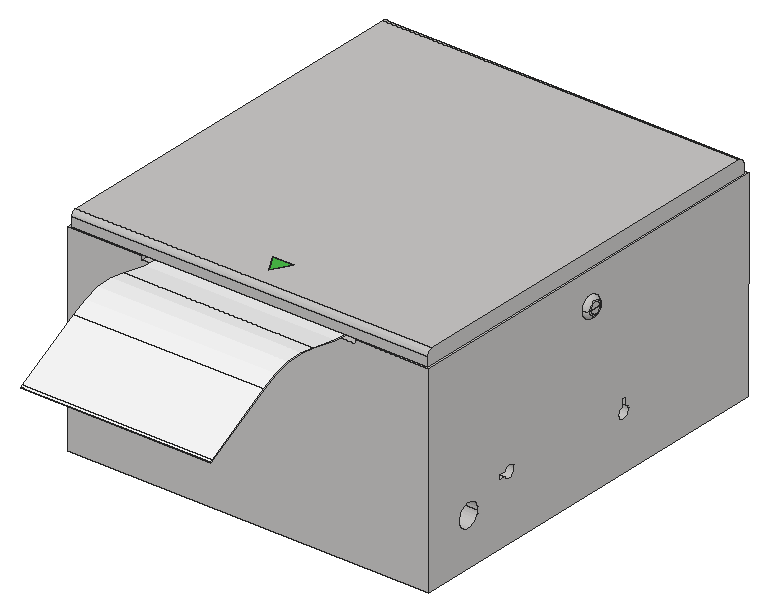
Revit family "Paper_Towel_Dispenser-Convertible-Bobrick-ClassicSeries-3974-350.rfaxxx", category Specialty Equipment, host Face, Revit 2019
Family settings
  Host = Face
  Round Connector Dimension = Use Diameter
  Part Type = Normal
  OmniClass Number = 23.40.20.21.17
  OmniClass Title = Paper Towel Dispensers, Disposal Units
  Cut with Voids When Loaded = Yes
  Shared = Yes
  Room Calculation Point = No
Parameters (values of type "3974-350")
  Width = 15 3/16"
  URL = "http://www.bobrick.com/"
  Operation = "Electronic Sensor"
  Mounting Height Constraint = if(ADA Compliant, 64 13/16", Mounting Height)  # 64 13/16"
  Mounting Height = 60"
  Model = "3974-350"
  Material = "Stainless Steel-Bobrick-Satin"
  Manufacturer = "Bobrick"
  Installation Type = "Wall Mounted"
  Height = 16 13/16"
  Door Material = Stainless Steel-Bobrick-Satin
  Description = "Convertible Automatic Universal Roll Paper Towel Module"
  Default Elevation = 0"
  Creation Date = "01/11/2023"
  Cabinet Material = Stainless Steel-Bobrick-Satin
  CBC = no
  Battery Operated = yes
  Assembly Code = "C1030200"
  ADA Compliant = [ADA/ICC]  # yes
  ADA/ICC = yes
  3961-50 (Mechanical) Universal Roll Towel Dispenser Module = no
  3944-152 Folded Towel Dispenser Module = no
Reference planes (in)
  plane 1 "Center (Front/Back)": y = 0
  plane 2: z = 0
  plane 3 "Center (Left/Right)": x = 0
  plane 4: x = -7.59375
  plane 5: x = 7.59375
  plane 6: z = 9.0625
  plane 7: y = -16.8125
  plane 8 "Finished Floor": y = -64.8125
Forms (in)
  Extrusion 1, solid, material "Stainless Steel-Bobrick-Satin" <- "Cabinet Material"
    sketch origin (0, -26.99976, 3.9375) x (0, 1, 0) y (0, 0, 1)
      loop
        line (26.99976, -3.9375) -> (26.99976, 4.525) -> (10.18726, 4.525) -> (10.18726, -3.9375) -> (26.99976, -3.9375)
    from -7.59375 to 7.59375
  Extrusion 2, solid, material "Stainless Steel-Bobrick-Satin" <- "Door Material"
    sketch origin (0, -27.02873, 4.18456) x (0, 1, 0) y (0, 0, 1)
      loop
        line (26.88803, 4.27794) -> (26.88803, 4.64923)
        arc (26.88803, 4.64923) -> (26.82104, 4.81095) -> (26.65932, 4.87794) r 0.22871
        line (26.65932, 4.87794) -> (10.50769, 4.87794)
        arc (10.50769, 4.87794) -> (10.34597, 4.81095) -> (10.27898, 4.64923) r 0.22871
        line (10.27898, 4.64923) -> (10.27898, 4.27794) -> (26.88803, 4.27794)
    from -7.5 to 7.5
  Revolve 3, solid, material "Stainless Steel-Bobrick-Satin"
    sketch origin (-1.15676, -26.99976, 7.09999) x (0, -1, 0) y (1, 0, 0)
      loop
        arc (-18.94355, 8.98219) -> (-19.0499, 8.88656) -> (-19.09401, 8.75051) r 0.2756
        line (-19.09401, 8.75051) -> (-18.65586, 8.75051) -> (-18.65586, 8.98219) -> (-18.87461, 8.98219) -> (-18.87461, 8.90384) -> (-18.90586, 8.90384) -> (-18.90586, 8.98219) -> (-18.94355, 8.98219)
      axis (-18.65586, 8.98219) -> (-18.65586, 8.75051)
    angle from 0 to 360
  Extrusion 4, void
    sketch origin (0, -26.49976, 7.33691) x (0, -1, 0) y (1, 0, 0)
      loop
        line (-10.75, 0) -> (-11.50227, 0.43432) -> (-11.50227, -0.43432) -> (-10.75, 0)
    from 1.59313 to 1.82836
  Extrusion 5, solid
    sketch origin (0, -26.99976, 7.33691) x (0, -1, 0) y (1, 0, 0)
      loop
        line (-12.00227, 0.43432) -> (-12.00227, -0.43432) -> (-11.25, 0) -> (-12.00227, 0.43432)
    from 1.28298 to 1.72559
  Extrusion 6, void
    sketch origin (0, -26.99976, 11.21484) x (0, -1, 0) y (1, 0, 0)
      loop
        line (-17.50227, -4.5) -> (-8.86856, -4.5) -> (-8.86856, 4.5) -> (-17.50227, 4.5) -> (-17.50227, -4.5)
    from -2.90193 to -2.75234
  Extrusion 7, void
    sketch origin (0, 0, 0) x (0, 1, 0) y (0, 0, 1)
      loop
        line (-8.50765, 7.06152) -> (-8.18014, 7.06153) -> (-8.18014, 7.10732) -> (-8.50765, 7.10731) -> (-8.50765, 7.06152)
      loop
        circle (-14.74886, 2.00353) r 0.50087
      loop
        arc (-12.83744, 2.61958) -> (-12.3186, 2.72469) -> (-12.83741, 2.82993) r 0.27007
        line (-12.83741, 2.82993) -> (-13.13918, 2.82993) -> (-13.13918, 2.61958) -> (-12.83744, 2.61958)
      loop
        arc (-6.68318, 2.55332) -> (-6.57803, 2.03445) -> (-6.47281, 2.55331) r 0.27009
        line (-6.47281, 2.55331) -> (-6.47281, 2.85506) -> (-6.68318, 2.85506) -> (-6.68318, 2.55332)
    from 6.85925 to 7.82543
  Sweep 8, solid, material "Paper-Bobrick-White"
    path origin (0, -27.42163, 10.25313) x (0, 1, 0) y (0, 0, -1)
      loop
        line (3.59372, 3.50714) -> (3.70182, 3.45564)
        arc (3.70182, 3.45564) -> (5.07254, 2.75916) -> (6.40592, 1.99365) r 30.12171
        arc (6.40592, 1.99365) -> (7.69333, 1.52421) -> (9.0623, 1.58504) r 3.5
        arc (9.0623, 1.58504) -> (10.16003, 1.78602) -> (11.27398, 1.85334) r 9.25
        line (11.27398, 1.85334) -> (12.18977, 1.85334)
    profile origin (0, -15.68976, 8.39979) x (0, 0, 1) y (1, 0, 0)
      loop
        line (0, -4) -> (0, 4) -> (-0.03125, 4) -> (-0.03125, -4) -> (0, -4)
Cuts and joins
  Extrusion 4 cuts Extrusion 2
  Extrusion 4, Extrusion 6, Extrusion 7 cuts Extrusion 1
  Extrusion 7 cuts Revolve 3
Lines and regions (in)
  Masking region 1
    outline origin (0, 0, 3.9375) x (1, 0, 0) y (0, 0, 1)
      loop
        line (7.59375, -3.9375) -> (7.59375, 2.72043)
        arc (7.59375, 2.72043) -> (7.7292, 2.76546) -> (7.82543, 2.87089) r 0.28294
        line (7.82543, 2.87089) -> (7.82543, 3.45409)
        arc (7.82543, 3.45409) -> (7.7292, 3.55951) -> (7.59375, 3.60454) r 0.28294
        line (7.59375, 3.60454) -> (7.59375, 4.525) -> (7.5, 4.525) -> (7.5, 5.125) -> (-7.5, 5.125) -> (-7.5, 4.525) -> (-7.59375, 4.525) -> (-7.59375, -3.9375) -> (7.59375, -3.9375)
  symbolic lines, detail levels medium+fine
    curve 1: line (7.5, 0, 8.4625) -> (-7.5, 0, 8.4625)
    curve 2: line (7.59375, 0, 7.54204) -> (7.59375, 0, 6.65793)
Dimensions and locks (in)
  "Width": plane 4 to plane 5
  equal spacing: plane 4, plane 3 "Center (Left/Right)", plane 5
  locked: plane 6 to level at 9.0625
  "Height": plane 7 to plane 1 "Center (Front/Back)"
  "Mounting Height Constraint": plane 8 "Finished Floor" to plane 1 "Center (Front/Back)"
  aligned and locked: host face to plane 2
  aligned and locked: host face to level
Automatic sketch dimensions
  plane 5 to curve 2 = 0"
  plane 5 to curve 1 = 3/32"
  plane 4 to curve 1 = 3/32"
  curve 1 to plane 6 = 0.6"
  curve 2 to curve 1 = 0.92046"
  curve 2 to curve 2 = 0.88411"
  host sketch curve to host sketch curve = 133.12179"
  host sketch curve to host sketch curve = 98.37558"
  Extrusion 1 sketch curve to level = 0"
  Extrusion 1 sketch curve to plane 7 = 0"
  Extrusion 1 sketch curve to plane 1 "Center (Front/Back)" = 0"
  Extrusion 1 sketch curve to plane 6 = 0.6"
  Extrusion 2 sketch curve to plane 6 = 0"
  plane 7 to Extrusion 2 sketch curve = 0.06274"
  Extrusion 2 sketch curve to Extrusion 2 sketch curve = 0.22871"
  plane 1 "Center (Front/Back)" to Extrusion 2 sketch curve = 0.36942"
  plane 1 "Center (Front/Back)" to Extrusion 2 sketch curve = 0.14071"
  Extrusion 2 sketch curve to Extrusion 2 sketch curve = 0.37129"
  Revolve 3 sketch curve to plane 5 = 0"
  plane 1 "Center (Front/Back)" to Revolve 3 sketch curve = 7.90575"
  Revolve 3 sketch curve to Revolve 3 sketch curve = 0.15046"
  Revolve 3 sketch curve to Revolve 3 sketch curve = 0.03769"
  Revolve 3 sketch curve to Revolve 3 sketch curve = 1/32"
  plane 5 to Revolve 3 sketch curve = 0.01405"
  Revolve 3 sketch curve to Revolve 3 sketch curve = 0.05584"
  Revolve 3 sketch curve to Revolve 3 sketch curve = 0.16291"
  Revolve 3 sketch curve to Revolve 3 sketch curve = 0.07835"
  Revolve 3 sketch curve to plane 5 = 0.23168"
  Revolve 3 sketch curve to Revolve 3 sketch curve = 0"
  Revolve 3 sketch curve to Revolve 3 sketch curve = 0.0885"
  Revolve 3 sketch curve to Revolve 3 sketch curve = 0.09463"
  Extrusion 4 sketch curve to plane 3 "Center (Left/Right)" = 0"
  Extrusion 4 sketch curve to plane 3 "Center (Left/Right)" = 0.43432"
  plane 7 to Extrusion 4 sketch curve = 1.81502"
  Extrusion 4 sketch curve to Extrusion 4 sketch curve = 0.75227"
  plane 3 "Center (Left/Right)" to Extrusion 4 sketch curve = 0.43432"
  Extrusion 5 sketch curve to plane 3 "Center (Left/Right)" = 0"
  plane 3 "Center (Left/Right)" to Extrusion 5 sketch curve = 0.43432"
  plane 7 to Extrusion 5 sketch curve = 1.81502"
  Extrusion 5 sketch curve to Extrusion 5 sketch curve = 0.75227"
  Extrusion 5 sketch curve to plane 3 "Center (Left/Right)" = 0.43432"
  plane 5 to Extrusion 6 sketch curve = 3 3/32"
  plane 7 to Extrusion 6 sketch curve = 7.31502"
  Extrusion 6 sketch curve to plane 7 = 1.3187"
  plane 4 to Extrusion 6 sketch curve = 3 3/32"
  Masking region 1 sketch curve to plane 4 = 0"
  Masking region 1 sketch curve to plane 6 = 0"
  plane 5 to Masking region 1 sketch curve = 0"  (x2)
  Masking region 1 sketch curve to level = 0"
  Masking region 1 sketch curve to Masking region 1 sketch curve = 3/32"  (x2)
  plane 5 to Masking region 1 sketch curve = 0.01865"  (x2)
  Masking region 1 sketch curve to plane 5 = 0.23168"
  Masking region 1 sketch curve to plane 6 = 2.40457"
  Masking region 1 sketch curve to Masking region 1 sketch curve = 0.15046"
  Masking region 1 sketch curve to Masking region 1 sketch curve = 0.31947"
  Masking region 1 sketch curve to Masking region 1 sketch curve = 0.13187"
  Masking region 1 sketch curve to plane 6 = 0.6"  (x2)
  plane 7 to Extrusion 7 sketch curve = 2.06364"
  Extrusion 7 sketch curve to Extrusion 7 sketch curve = 1.60968"
  Extrusion 7 sketch curve to Extrusion 7 sketch curve = 0.30174"  (x2)
  Extrusion 7 sketch curve to Extrusion 7 sketch curve = 0.00003"
  Extrusion 7 sketch curve to Extrusion 7 sketch curve = 0.24874"
  Extrusion 7 sketch curve to plane 6 = 1.95519"
  Extrusion 7 sketch curve to Extrusion 7 sketch curve = 4.08102"
  Extrusion 7 sketch curve to Extrusion 7 sketch curve = 0.32752"
  Extrusion 7 sketch curve to Extrusion 7 sketch curve = 1.49695"
  Extrusion 7 sketch curve to Extrusion 7 sketch curve = 0.10517"
  Extrusion 7 sketch curve to Extrusion 7 sketch curve = 0.21037"
  Extrusion 7 sketch curve to Extrusion 7 sketch curve = 0.04579"  (x3)
  level to Extrusion 7 sketch curve = 2.85506"
  level to Extrusion 7 sketch curve = 2.82993"
  Extrusion 7 sketch curve to Extrusion 7 sketch curve = 0.10521"
  Extrusion 7 sketch curve to Extrusion 7 sketch curve = 0"
  Extrusion 7 sketch curve to Extrusion 7 sketch curve = 0.61605"
  plane 7 to Sweep 8 sketch curve = 19.86239"
  plane 6 to Sweep 8 sketch curve = 2.26501"
  plane 7 to Sweep 8 sketch curve = 6.90731"
  plane 7 to Sweep 8 sketch curve = 2.38369"
  Sweep 8 sketch curve to plane 7 = 0.66485"
  plane 6 to Sweep 8 sketch curve = 0.66271"
  Sweep 8 sketch curve to plane 6 = 8.58729"
  Sweep 8 sketch curve to plane 6 = 24.92843"
  plane 6 to Sweep 8 sketch curve = 3.79289"
  plane 6 to Sweep 8 sketch curve = 2.31652"
  Sweep 8 sketch curve to Sweep 8 sketch curve = 0.10811"
  Sweep 8 sketch curve to Sweep 8 sketch curve = 0"
  Sweep 8 sketch curve to Sweep 8 sketch curve = 0.91579"
  Sweep 8 sketch curve to profile plane = 0"
  Sweep 8 sketch curve to Sweep 8 sketch curve = 1/32"
  Sweep 8 sketch curve to plane 3 "Center (Left/Right)" = 4"
  plane 3 "Center (Left/Right)" to Sweep 8 sketch curve = 4"
  radius of Extrusion 7 sketch curve = 0.50087"
